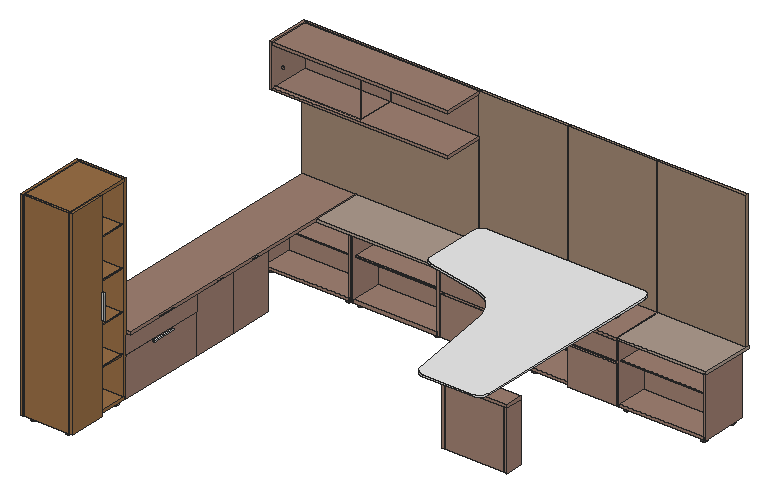
Revit family "OFS TYPICAL T100058", category Furniture, Revit 2022 (continued)
Definition of nested family "OFS APTOS 18D Low Height Modular Cabinet Top Long Grain"
  Forms (in)
    Extrusion 1, solid, material <- "Table Material"
      sketch origin (0, 0, 0) x (1, 0, 0) y (0, 1, 0)
        loop
          line (-15, -15) -> (-15, -33) -> (15, -33) -> (15, -15) -> (-15, -15)
      from 21.5 to 22.25
  Dimensions and locks (in)
    "Height": plane 7 "Height Top" to plane 8
    "Bottom Board Offset": plane 8 to level
    "Depth": plane 5 "Front End" to plane 1 "Back End"
    equal spacing: plane 4 "Left End", plane 3 "Center Left/Right", plane 6 "Right End"
    "Width": plane 4 "Left End" to plane 6 "Right End"
    equal spacing: plane 5 "Front End", plane 9 "Center Front/Back", plane 1 "Back End"
    aligned and locked: level to plane 2
    aligned and locked: plane 1 "Back End" to Extrusion 1 sketch curve
    aligned and locked: Extrusion 1 sketch curve to plane 4 "Left End"
    aligned and locked: plane 5 "Front End" to Extrusion 1 sketch curve
    aligned and locked: plane 6 "Right End" to Extrusion 1 sketch curve
    aligned and locked: plane 7 "Height Top" to Extrusion 1
    aligned and locked: Extrusion 1 to plane 8
Definition of nested family "OFS APTOS Tackboard Overhead Over Low Height Cabinets"
  Parameters (values of type "Tackboard Overhead Over Low Height Cabinets 54")
    Width = 4' - 6"
    URL = "https://ofs.com/"
    Door Handle Material = none
    Depth = 0' - 1"
    Tackboard Material = none
    Model = "FTW2024"
    Manufacturer = "OFS"
    Leg Caps Material = none
    Height = 2' - 7 1/4"
    Description = "OFS APTOS Tackboard Overhead Over Low Height Cabinets 54"
    Default Elevation = 0' - 0"
    Copyright © = "© OFS 2022"
    Catalog = "https://ofs.com/products/tables/conference/aptos?search=Aptos"
    Bottom Board Offset = 1' - 10 1/2"
    Authoring Version = "Autodesk Revit Architecture 2015"
    Assembly Code = "E2020200"
  Types (13): name | Width | Model | Description
    (no name) | 4' - 6" | "FTW2024" | "OFS APTOS Tackboard Overhead Over Low Height Cabinets 54"
    Tackboard Overhead Over Low Height Cabinets 30 | 2' - 6" | "FTW2028" | "OFS APTOS Tackboard Overhead Over Low Height Cabinets 30"
    Tackboard Overhead Over Low Height Cabinets 36 | 3' - 0" | "FTW2027" | "OFS APTOS Tackboard Overhead Over Low Height Cabinets 36"
    Tackboard Overhead Over Low Height Cabinets 42 | 3' - 6" | "FTW2026" | "OFS APTOS Tackboard Overhead Over Low Height Cabinets 42"
    Tackboard Overhead Over Low Height Cabinets 48 | 4' - 0" | "FTW2025" | "OFS APTOS Tackboard Overhead Over Low Height Cabinets 48"
    Tackboard Overhead Over Low Height Cabinets 54 | 4' - 6" | "FTW2024" | "OFS APTOS Tackboard Overhead Over Low Height Cabinets 54"
    Tackboard Overhead Over Low Height Cabinets 60 | 5' - 0" | "FTW2023" | "OFS APTOS Tackboard Overhead Over Low Height Cabinets 60"
    Tackboard Overhead Over Low Height Cabinets 66 | 5' - 6" | "FTW2022" | "OFS APTOS Tackboard Overhead Over Low Height Cabinets 66"
    Tackboard Overhead Over Low Height Cabinets 72 | 6' - 0" | "FTW2021" | "OFS APTOS Tackboard Overhead Over Low Height Cabinets 72"
    Tackboard Overhead Over Low Height Cabinets 78 | 6' - 6" | "FTW2020" | "OFS APTOS Tackboard Overhead Over Low Height Cabinets 78"
    Tackboard Overhead Over Low Height Cabinets 84 | 7' - 0" | "FTW2019" | "OFS APTOS Tackboard Overhead Over Low Height Cabinets 84"
    Tackboard Overhead Over Low Height Cabinets 90 | 7' - 6" | "FTW2018" | "OFS APTOS Tackboard Overhead Over Low Height Cabinets 90"
    Tackboard Overhead Over Low Height Cabinets 96 | 8' - 0" | "FTW2017" | "OFS APTOS Tackboard Overhead Over Low Height Cabinets 96"
  Reference planes (in)
    plane 1 "Center Front/Back": y = 0
    plane 2: z = 0
    plane 3 "Center Left/Right": x = 0
    plane 4 "Left End": x = -27
    plane 5 "Front End": y = -1
    plane 6 "Right End": x = 27
    plane 7 "Height Top": z = 53.75
    plane 8: z = 22.5
  Forms (in)
    Extrusion 1, solid, material <- "Tackboard Material"
      sketch origin (0, 0, 0) x (1, 0, 0) y (0, 0, 1)
        loop
          line (-27, 53.75) -> (-27, 22.5) -> (27, 22.5) -> (27, 53.75) -> (-27, 53.75)
      from 0 to 1
  Dimensions and locks (in)
    "Height": plane 7 "Height Top" to plane 8
    "Bottom Board Offset": plane 8 to level
    "Depth": plane 5 "Front End" to plane 1 "Center Front/Back"
    equal spacing: plane 4 "Left End", plane 3 "Center Left/Right", plane 6 "Right End"
    "Width": plane 4 "Left End" to plane 6 "Right End"
    aligned and locked: level to plane 2
    aligned and locked: Extrusion 1 sketch curve to plane 7 "Height Top"
    aligned and locked: plane 4 "Left End" to Extrusion 1 sketch curve
    aligned and locked: Extrusion 1 sketch curve to plane 8
    aligned and locked: plane 6 "Right End" to Extrusion 1 sketch curve
    aligned and locked: Extrusion 1 to plane 5 "Front End"
    aligned and locked: Extrusion 1 to plane 1 "Center Front/Back"
Definition of nested family "OFS APTOS Tackboard Low Height Cabinets"
  Parameters (values of type "Tackboard Low Height Cabinets 30")
    Width = 2' - 6"
    URL = "https://ofs.com/"
    Door Handle Material = none
    Depth = 0' - 1"
    Tackboard Material = none
    Model = "FTW3052"
    Manufacturer = "OFS"
    Leg Caps Material = none
    Height = 3' - 9 7/8"
    Description = "OFS APTOS Tackboard Low Height Cabinets 30"
    Default Elevation = 0' - 0"
    Copyright © = "© OFS 2022"
    Catalog = "https://ofs.com/products/tables/conference/aptos?search=Aptos"
    Bottom Board Offset = 0' - 7 7/8"
    Authoring Version = "Autodesk Revit Architecture 2015"
    Assembly Code = "E2020200"
  Types (13): name | Width | Model | Description
    (no name) | 2' - 6" | "FTW3052" | "OFS APTOS Tackboard Low Height Cabinets 30"
    Tackboard Low Height Cabinets 30 | 2' - 6" | "FTW3052" | "OFS APTOS Tackboard Low Height Cabinets 30"
    Tackboard Low Height Cabinets 36 | 3' - 0" | "FTW3051" | "OFS APTOS Tackboard Low Height Cabinets 36"
    Tackboard Low Height Cabinets 42 | 3' - 6" | "FTW3050" | "OFS APTOS Tackboard Low Height Cabinets 42"
    Tackboard Low Height Cabinets 48 | 4' - 0" | "FTW3049" | "OFS APTOS Tackboard Low Height Cabinets 48"
    Tackboard Low Height Cabinets 54 | 4' - 6" | "FTW3048" | "OFS APTOS Tackboard Low Height Cabinets 54"
    Tackboard Low Height Cabinets 60 | 5' - 0" | "FTW3047" | "OFS APTOS Tackboard Low Height Cabinets 60"
    Tackboard Low Height Cabinets 66 | 5' - 6" | "FTW3046" | "OFS APTOS Tackboard Low Height Cabinets 66"
    Tackboard Low Height Cabinets 72 | 6' - 0" | "FTW3045" | "OFS APTOS Tackboard Low Height Cabinets 72"
    Tackboard Low Height Cabinets 78 | 6' - 6" | "FTW3044" | "OFS APTOS Tackboard Low Height Cabinets 78"
    Tackboard Low Height Cabinets 84 | 7' - 0" | "FTW3043" | "OFS APTOS Tackboard Low Height Cabinets 84"
    Tackboard Low Height Cabinets 90 | 7' - 6" | "FTW3042" | "OFS APTOS Tackboard Low Height Cabinets 90"
    Tackboard Low Height Cabinets 96 | 8' - 0" | "FTW3041" | "OFS APTOS Tackboard Low Height Cabinets 96"
  Reference planes (in)
    plane 1 "Center Front/Back": y = 0
    plane 2: z = 0
    plane 3 "Center Left/Right": x = 0
    plane 4 "Left End": x = -15
    plane 5 "Front End": y = -1
    plane 6 "Right End": x = 15
    plane 7 "Height Top": z = 53.75
    plane 8: z = 7.875
  Forms (in)
    Extrusion 1, solid, material <- "Tackboard Material"
      sketch origin (0, 0, 0) x (1, 0, 0) y (0, 0, 1)
        loop
          line (-15, 53.75) -> (-15, 7.875) -> (15, 7.875) -> (15, 53.75) -> (-15, 53.75)
      from 0 to 1
  Dimensions and locks (in)
    "Height": plane 7 "Height Top" to plane 8
    "Bottom Board Offset": plane 8 to level
    "Depth": plane 5 "Front End" to plane 1 "Center Front/Back"
    equal spacing: plane 4 "Left End", plane 3 "Center Left/Right", plane 6 "Right End"
    "Width": plane 4 "Left End" to plane 6 "Right End"
    aligned and locked: level to plane 2
    aligned and locked: Extrusion 1 sketch curve to plane 7 "Height Top"
    aligned and locked: plane 4 "Left End" to Extrusion 1 sketch curve
    aligned and locked: Extrusion 1 sketch curve to plane 8
    aligned and locked: plane 6 "Right End" to Extrusion 1 sketch curve
    aligned and locked: Extrusion 1 to plane 5 "Front End"
    aligned and locked: Extrusion 1 to plane 1 "Center Front/Back"
Definition of nested family "OFS APTOS Low Height Modular Pedestal Hinged Door"
  Parameters (values of type "Low Height Modular Pedestal Hinged Door 18" Depth, 30" Width")
    Width = 2' - 6"
    URL = "https://ofs.com/"
    Shelf Height = 1' - 1 3/16"
    Left Module Size = 1' - 3"
    Handle Lenght R = 0' - 4 1/8"
    Handle Lenght L = 0' - 4 1/8"
    Drawer Gap = 0' - 0 1/8"
    Door Handle Material = none
    Default Elevation = 0' - 0"
    Board Thick Door = 0' - 1 1/8"
    Depth = 1' - 4 5/8"
    Board Material = none
    Model = "34-L3018MPD4"
    Manufacturer = "OFS"
    Leg Caps Material = none
    Leg Offset = 0' - 2"
    Board Thick Internal = 0' - 0 3/4"
    Height = 1' - 9 1/2"
    Description = "OFS APTOS Low Height Modular Pedestal Hinged Door 18\" Depth, 30\" Width"
    Copyright © = "© OFS 2022"
    Catalog = "https://ofs.com/products/tables/conference/aptos?search=Aptos"
    Bottom Board Offset = 0' - 1 1/2"
    Board Thick Top and Bot = 0' - 1"
    Board Thick Shelfs = 0' - 1"
    Board Thick Sides = 0' - 0 3/4"
    Board Thick Front = 0' - 0 3/4"
    Board Thick Back = 0' - 0 3/4"
    Authoring Version = "Autodesk Revit Architecture 2015"
    Assembly Code = "E2020200"
  Types (3): name | Width | Left Module Size | Model | Description
    (no name) | 2' - 6" | 1' - 3" | "34-L3018MPD4" | "OFS APTOS Low Height Modular Pedestal Hinged Door 18\" Depth, 30\" Width"
    Low Height Modular Pedestal Hinged Door 18" Depth, 30" Width | 2' - 6" | 1' - 3" | "34-L3018MPD4" | "OFS APTOS Low Height Modular Pedestal Hinged Door 18\" Depth, 30\" Width"
    Low Height Modular Pedestal Hinged Door 18" Depth, 36" Width | 3' - 0" | 1' - 6" | "34-L3618MPD4" | "OFS APTOS Low Height Modular Pedestal Hinged Door 18\" Depth, 36\" Widh"
  Reference planes (in)
    plane 1 "Center Front/Back": y = 0
    plane 2: z = 0
    plane 3 "Center Left/Right": x = 0
    plane 4 "Left End": x = -15
    plane 5 "Front End": y = -15.5
    plane 6 "Right End": x = 15
    plane 7 "Back End": y = 0
    plane 8: x = -14.25
    plane 9: x = 14.25
    plane 10: z = 14.6875
    plane 11: z = 15.6875
    plane 12: z = 21.5
    plane 13: z = 1.5
    plane 14: z = 2.5
    plane 15: y = -14.75
    plane 16: y = -2
    plane 17: y = -2
    plane 18: y = -13.5
    plane 19: y = -13.5
    plane 20: x = -13
    plane 21: x = 13
    plane 22: x = 13
    plane 23: x = -13
    plane 24: y = -16.625
    plane 25: z = 14.8125
    plane 26: x = 7.3125
    plane 27: x = 5.25
    plane 28: x = 9.375
    plane 29: y = -0.75
    plane 30: x = 0
    plane 31: x = -0.375
    plane 32: x = 0.375
    plane 33: x = -0.0625
    plane 34: x = 0.0625
    plane 35: x = -7.3125
    plane 36: x = -5.25
    plane 37: x = -9.375
  Forms (in)
    Extrusion 1, solid, material <- "Board Material"
      sketch origin (0, 0, 0) x (1, 0, 0) y (0, 1, 0)
        loop
          line (-15, 0) -> (-15, -15.5) -> (-14.25, -15.5) -> (-14.25, 0) -> (-15, 0)
      from 1.5 to 21.5
    Extrusion 2, solid, material <- "Board Material"
      sketch origin (0, 0, 0) x (-1, 0, 0) y (0, -1, 0)
        loop
          line (-15, 0) -> (-14.25, 0) -> (-14.25, 15.5) -> (-15, 15.5) -> (-15, 0)
      from 1.5 to 21.5
    Extrusion 3, solid, material <- "Board Material"
      sketch origin (0, 0, 0) x (1, 0, 0) y (0, 1, 0)
        loop
          line (-14.25, 0) -> (-14.25, -15.5) -> (14.25, -15.5) -> (14.25, 0) -> (-14.25, 0)
      from 1.5 to 2.5
    Revolve 4, solid, material <- "Leg Caps Material"
      sketch origin (0, -2, 0) x (-1, 0, 0) y (0, 0, 1)
        loop
          line (12, 0.28743) -> (12.5, 0.28743)
          arc (12.5, 0.28743) -> (12.35629, 0.14371) -> (12.5, 0) r 0.14371
          line (12.5, 0) -> (13, 0) -> (13, 1.5) -> (12, 1.5) -> (12, 0.28743)
        axis (13, 1.5) -> (13, 0)
      angle from 0 to 360
    Revolve 5, solid, material <- "Leg Caps Material"
      sketch origin (0, -2, 0) x (1, 0, 0) y (0, 0, -1)
        loop
          line (12, -0.28743) -> (12, -1.5) -> (13, -1.5) -> (13, 0) -> (12.5, 0)
          arc (12.5, 0) -> (12.35629, -0.14371) -> (12.5, -0.28743) r 0.14371
          line (12.5, -0.28743) -> (12, -0.28743)
        axis (13, -1.5) -> (13, 0)
      angle from 0 to 360
    Revolve 6, solid, material <- "Leg Caps Material"
      sketch origin (0, -13.5, 0) x (-1, 0, 0) y (0, 0, -1)
        loop
          line (12, -0.28743) -> (12, -1.5) -> (13, -1.5) -> (13, 0) -> (12.5, 0)
          arc (12.5, 0) -> (12.35629, -0.14371) -> (12.5, -0.28743) r 0.14371
          line (12.5, -0.28743) -> (12, -0.28743)
        axis (13, -1.5) -> (13, 0)
      angle from 0 to 360
    Revolve 7, solid, material <- "Leg Caps Material"
      sketch origin (0, -13.5, 0) x (1, 0, 0) y (0, 0, 1)
        loop
          line (12, 0.28743) -> (12.5, 0.28743)
          arc (12.5, 0.28743) -> (12.35629, 0.14371) -> (12.5, 0) r 0.14371
          line (12.5, 0) -> (13, 0) -> (13, 1.5) -> (12, 1.5) -> (12, 0.28743)
        axis (13, 1.5) -> (13, 0)
      angle from 0 to 360
    Extrusion 8, solid, material <- "Board Material"
      sketch origin (0, 27.875, 0) x (1, 0, 0) y (0, 1, 0)
        loop
          line (-14.25, -27.875) -> (-14.25, -28.625) -> (14.25, -28.625) -> (14.25, -27.875) -> (-14.25, -27.875)
      from 13.4995 to 17.4995
    Extrusion 9, solid, material <- "Board Material"
      sketch origin (0, 0, 0) x (1, 0, 0) y (0, 1, 0)
        loop
          line (15, -15.5) -> (0.0625, -15.5) -> (0.0625, -16.625) -> (15, -16.625) -> (15, -15.5)
      from 1.5 to 21.5
    Extrusion 10, solid, material <- "Door Handle Material"
      sketch origin (0, 5.64442, 4.60983) x (0, 1, 0) y (0, 0, 1)
        loop
          arc (-23.07363, 16.8872) -> (-23.26006, 16.70076) -> (-23.07363, 16.51433) r 0.18644
          arc (-23.07363, 16.51433) -> (-22.99353, 16.51913) -> (-22.91458, 16.53348) r 0.66994
          arc (-22.91458, 16.53348) -> (-22.69175, 16.56125) -> (-22.46829, 16.53915) r 1.01098
          arc (-22.46829, 16.53915) -> (-22.36939, 16.52301) -> (-22.26942, 16.51609) r 1.08212
          line (-22.26942, 16.51609) -> (-22.26942, 16.89017)
          arc (-22.26942, 16.89017) -> (-22.36975, 16.87561) -> (-22.46829, 16.85174) r 1.08374
          arc (-22.46829, 16.85174) -> (-22.69197, 16.82316) -> (-22.91458, 16.85914) r 0.78757
          arc (-22.91458, 16.85914) -> (-22.99279, 16.88063) -> (-23.07363, 16.8872) r 0.43385
      from 5.25 to 9.375
    Extrusion 11, solid, material <- "Board Material"
      sketch origin (-18, 0, 0) x (-1, 0, 0) y (0, -1, 0)
        loop
          line (-3, 15.5) -> (-3, 16.625) -> (-17.9375, 16.625) -> (-17.9375, 15.5) -> (-3, 15.5)
      from 1.5 to 21.5
    Extrusion 12, solid, material <- "Door Handle Material"
      sketch origin (-16.91963, 5.64442, 4.60983) x (0, 1, 0) y (0, 0, 1)
        loop
          arc (-23.07363, 16.8872) -> (-23.26006, 16.70076) -> (-23.07363, 16.51433) r 0.18644
          arc (-23.07363, 16.51433) -> (-22.99353, 16.51913) -> (-22.91458, 16.53348) r 0.66994
          arc (-22.91458, 16.53348) -> (-22.69175, 16.56125) -> (-22.46829, 16.53915) r 1.01098
          arc (-22.46829, 16.53915) -> (-22.36939, 16.52301) -> (-22.26942, 16.51609) r 1.08212
          line (-22.26942, 16.51609) -> (-22.26942, 16.89017)
          arc (-22.26942, 16.89017) -> (-22.36975, 16.87561) -> (-22.46829, 16.85174) r 1.08374
          arc (-22.46829, 16.85174) -> (-22.69197, 16.82316) -> (-22.91458, 16.85914) r 0.78757
          arc (-22.91458, 16.85914) -> (-22.99279, 16.88063) -> (-23.07363, 16.8872) r 0.43385
      from 7.54463 to 11.66963
    Extrusion 13, solid, material <- "Board Material"
      sketch origin (0, 27.875, 0) x (1, 0, 0) y (0, 1, 0)
        loop
          line (-14.25, -27.875) -> (-14.25, -28.625) -> (14.25, -28.625) -> (14.25, -27.875) -> (-14.25, -27.875)
      from 6.437 to 10.437
    Extrusion 14, solid, material <- "Board Material"
      sketch origin (0, -18.687, 49.3745) x (1, 0, 0) y (0, 0, -1)
        loop
          line (-14.25, 27.875) -> (14.25, 27.875) -> (14.25, 28.625) -> (-14.25, 28.625) -> (-14.25, 27.875)
      from 13.4995 to 17.4995
    Extrusion 15, solid, material <- "Board Material"
      sketch origin (0, -19.4995, 49.3745) x (1, 0, 0) y (0, 0, -1)
        loop
          line (-14.25, 27.875) -> (14.25, 27.875) -> (14.25, 28.625) -> (-14.25, 28.625) -> (-14.25, 27.875)
      from 6.437 to 10.437
  Dimensions and locks (in)
    equal spacing: plane 4 "Left End", plane 3 "Center Left/Right", plane 6 "Right End"
    "Width": plane 4 "Left End" to plane 6 "Right End"
    "Height": plane 12 to level
    "Board Thick Sides": plane 4 "Left End" to plane 8
    "Board Thick Sides": plane 9 to plane 6 "Right End"
    "Board Thick Shelfs": plane 11 to plane 10
    "Board Thick Top and Bot": plane 14 to plane 13
    "Bottom Board Offset": plane 13 to level
    "Board Thick Front": plane 15 to plane 5 "Front End"
    "Leg Offset": plane 18 to plane 5 "Front End"
    "Leg Offset": plane 19 to plane 5 "Front End"
    "Leg Offset": plane 16 to plane 7 "Back End"
    "Leg Offset": plane 17 to plane 7 "Back End"
    "Leg Offset": plane 4 "Left End" to plane 20
    "Leg Offset": plane 21 to plane 6 "Right End"
    "Leg Offset": plane 22 to plane 6 "Right End"
    "Leg Offset": plane 4 "Left End" to plane 23
    "Board Thick Door": plane 24 to plane 5 "Front End"
    "Shelf Height": plane 11 to plane 14
    "Drawer Gap": plane 25 to plane 10
    equal spacing: plane 27, plane 26, plane 28
    "Handle Lenght R": plane 27 to plane 28
    "Board Thick Back": plane 29 to plane 1 "Center Front/Back"
    "Depth": plane 24 to plane 1 "Center Front/Back"
    "Board Thick Internal": plane 31 to plane 32
    equal spacing: plane 31, plane 30, plane 32
    "Left Module Size": plane 4 "Left End" to plane 30
    equal spacing: plane 32, plane 26, plane 9
    equal spacing: plane 33, plane 30, plane 34
    "Drawer Gap": plane 33 to plane 34
    equal spacing: plane 36, plane 35, plane 37
    "Handle Lenght L": plane 36 to plane 37
    equal spacing: plane 8, plane 35, plane 31
    aligned and locked: level to plane 2
    aligned and locked: plane 5 "Front End" to Extrusion 1 sketch curve
    aligned and locked: plane 4 "Left End" to Extrusion 1 sketch curve
    aligned and locked: Extrusion 1 sketch curve to plane 8
    aligned and locked: Extrusion 2 to plane 5 "Front End"
    aligned and locked: plane 9 to Extrusion 2
    aligned and locked: Extrusion 2 to plane 6 "Right End"
    aligned and locked: Extrusion 2 to plane 13
    aligned and locked: plane 9 to Extrusion 3 sketch curve
    aligned and locked: plane 8 to Extrusion 3 sketch curve
    aligned and locked: plane 17 to Revolve 4
    aligned and locked: Revolve 5 to plane 16
    aligned and locked: plane 19 to Revolve 7
    aligned and locked: plane 18 to Revolve 6
    aligned and locked: plane 14 to Extrusion 3
    aligned and locked: Extrusion 3 to plane 13
    aligned and locked: Extrusion 2 to plane 12
    aligned and locked: Extrusion 8 to plane 29
    aligned and locked: Extrusion 8 to plane 1 "Center Front/Back"
    aligned and locked: plane 12 to Extrusion 1
    aligned and locked: Extrusion 1 to plane 13
    aligned and locked: Extrusion 9 to plane 12
    aligned and locked: Extrusion 10 to plane 28
    aligned and locked: Extrusion 10 to plane 27
    aligned and locked: plane 34 to Extrusion 9
    aligned and locked: Extrusion 11 to plane 33
    aligned and locked: Extrusion 11 to plane 4 "Left End"
    aligned and locked: plane 12 to Extrusion 11
    aligned and locked: plane 37 to Extrusion 12
    aligned and locked: Extrusion 12 to plane 36
    aligned and locked: Extrusion 11 to plane 13
    aligned and locked: Extrusion 9 to plane 13
    aligned and locked: Extrusion 2 to plane 7 "Back End"
    aligned and locked: Extrusion 1 to plane 7 "Back End"
    aligned and locked: Extrusion 3 to plane 7 "Back End"
    aligned and locked: Extrusion 8 to plane 8
    aligned and locked: Extrusion 8 to plane 9
    aligned and locked: Extrusion 13 to Extrusion 1
    aligned and locked: Extrusion 13 to Extrusion 2
    aligned and locked: Extrusion 14 to Extrusion 2
    aligned and locked: Extrusion 15 to Extrusion 2
    aligned and locked: Extrusion 15 to Extrusion 1
    aligned and locked: Extrusion 14 to Extrusion 1
  Automatic sketch dimensions
    plane 1 "Center Front/Back" to Extrusion 1 sketch curve = 0' - 0"
    Extrusion 2 sketch curve to plane 5 "Front End" = 0' - 0"
    Extrusion 2 sketch curve to plane 6 "Right End" = 0' - 0"
    Extrusion 2 sketch curve to plane 9 = 0' - 0"
    plane 1 "Center Front/Back" to Extrusion 2 sketch curve = 0' - 0"
    Extrusion 3 sketch curve to plane 5 "Front End" = 0' - 0"
    plane 1 "Center Front/Back" to Extrusion 3 sketch curve = 0' - 0"
    Revolve 4 sketch curve to plane 13 = 0' - 0"
    Revolve 4 sketch curve to level = 0' - 0"
    plane 20 to Revolve 4 sketch curve = 0' - 0"  (x2)
    level to Revolve 4 sketch curve = 0' - 0.28743"
    Revolve 4 sketch curve to plane 20 = 0' - 0 1/2"
    Revolve 4 sketch curve to Revolve 4 sketch curve = 0' - 0 1/2"  (x2)
    Revolve 4 sketch curve to Revolve 4 sketch curve = 0' - 0"
    level to Revolve 4 sketch curve = 0' - 0.14371"
    Revolve 4 sketch curve to plane 14 = 0' - 0 1/4"
    Revolve 5 sketch curve to plane 13 = 0' - 0"
    Revolve 5 sketch curve to level = 0' - 0"
    Revolve 5 sketch curve to plane 21 = 0' - 0"  (x2)
    level to Revolve 5 sketch curve = 0' - 0.28743"
    Revolve 5 sketch curve to Revolve 5 sketch curve = 0' - 0 1/2"  (x2)
    Revolve 5 sketch curve to Revolve 5 sketch curve = 0' - 0"  (x2)
    Revolve 5 sketch curve to plane 14 = 0' - 0 1/4"
    Revolve 5 sketch curve to level = 0' - 0 1/2"
    Revolve 6 sketch curve to plane 13 = 0' - 0"
    Revolve 6 sketch curve to level = 0' - 0"
    plane 20 to Revolve 6 sketch curve = 0' - 0"  (x2)
    level to Revolve 6 sketch curve = 0' - 0.28743"
    Revolve 6 sketch curve to plane 20 = 0' - 0 1/2"
    Revolve 6 sketch curve to Revolve 6 sketch curve = 0' - 0 1/2"
    Revolve 6 sketch curve to Revolve 6 sketch curve = 0' - 0"  (x2)
    Revolve 6 sketch curve to plane 14 = 0' - 0 1/4"
    Revolve 6 sketch curve to level = 0' - 0 1/2"
    Revolve 7 sketch curve to plane 13 = 0' - 0"
    Revolve 7 sketch curve to level = 0' - 0"
    Revolve 7 sketch curve to plane 21 = 0' - 0"  (x2)
    level to Revolve 7 sketch curve = 0' - 0.28743"
    Revolve 7 sketch curve to Revolve 7 sketch curve = 0' - 0 1/2"  (x3)
    Revolve 7 sketch curve to Revolve 7 sketch curve = 0' - 0"
    level to Revolve 7 sketch curve = 0' - 0.14371"
    Revolve 7 sketch curve to plane 14 = 0' - 0 1/4"
    Extrusion 8 sketch curve to plane 8 = 0' - 0"
    Extrusion 8 sketch curve to plane 9 = 0' - 0"
    Extrusion 8 sketch curve to plane 29 = 0' - 0"
    plane 1 "Center Front/Back" to Extrusion 8 sketch curve = 0' - 0"
    Extrusion 9 sketch curve to plane 5 "Front End" = 0' - 0"
    Extrusion 9 sketch curve to plane 34 = 0' - 0"
    Extrusion 9 sketch curve to plane 6 "Right End" = 0' - 0"
    plane 24 to Extrusion 9 sketch curve = 0' - 0"
    Extrusion 10 sketch curve to plane 12 = 0' - 0"
    Extrusion 10 sketch curve to plane 24 = 0' - 0"
    Extrusion 10 sketch curve to plane 12 = 0' - 0.37408"
    plane 24 to Extrusion 10 sketch curve = 0' - 0.80421"
    Extrusion 10 sketch curve to Extrusion 10 sketch curve = 0' - 0.00546"
    Extrusion 10 sketch curve to plane 12 = 0' - 0.03103"
    Extrusion 10 sketch curve to Extrusion 10 sketch curve = 0' - 0.15905"  (x2)
    plane 24 to Extrusion 10 sketch curve = 0' - 0.4095"  (x2)
    Extrusion 10 sketch curve to plane 12 = 0' - 0.03843"
    Extrusion 10 sketch curve to Extrusion 10 sketch curve = 0' - 0.19887"
    plane 24 to Extrusion 10 sketch curve = 0' - 0.19887"
    Extrusion 10 sketch curve to plane 24 = 0' - 0.02468"
    Extrusion 10 sketch curve to plane 24 = 0' - 0.10528"
    Extrusion 10 sketch curve to Extrusion 10 sketch curve = 0' - 0.2612"
    Extrusion 10 sketch curve to Extrusion 10 sketch curve = 0' - 0.40575"
    Extrusion 10 sketch curve to Extrusion 10 sketch curve = 0' - 0.06095"
    Extrusion 10 sketch curve to Extrusion 10 sketch curve = 0' - 0"
    Extrusion 10 sketch curve to Extrusion 10 sketch curve = 0' - 0.01915"
    Extrusion 11 sketch curve to plane 5 "Front End" = 0' - 0"
    Extrusion 11 sketch curve to plane 33 = 0' - 0"
    Extrusion 11 sketch curve to plane 4 "Left End" = 0' - 0"
    Extrusion 11 sketch curve to plane 24 = 0' - 0"
    Extrusion 12 sketch curve to plane 12 = 0' - 0"
    Extrusion 12 sketch curve to plane 24 = 0' - 0"
    Extrusion 12 sketch curve to plane 12 = 0' - 0.37408"
    plane 24 to Extrusion 12 sketch curve = 0' - 0.80421"
    Extrusion 12 sketch curve to Extrusion 12 sketch curve = 0' - 0.00546"
    Extrusion 12 sketch curve to plane 12 = 0' - 0.03103"
    Extrusion 12 sketch curve to Extrusion 12 sketch curve = 0' - 0.15905"  (x2)
    plane 24 to Extrusion 12 sketch curve = 0' - 0.4095"  (x2)
    Extrusion 12 sketch curve to plane 12 = 0' - 0.03843"
    Extrusion 12 sketch curve to Extrusion 12 sketch curve = 0' - 0.19887"
    plane 24 to Extrusion 12 sketch curve = 0' - 0.19887"
    Extrusion 12 sketch curve to plane 24 = 0' - 0.02468"
    Extrusion 12 sketch curve to plane 24 = 0' - 0.10528"
    Extrusion 12 sketch curve to Extrusion 12 sketch curve = 0' - 0.2612"
    Extrusion 12 sketch curve to Extrusion 12 sketch curve = 0' - 0.40575"
    Extrusion 12 sketch curve to Extrusion 12 sketch curve = 0' - 0.06095"
    Extrusion 12 sketch curve to Extrusion 12 sketch curve = 0' - 0"
    Extrusion 12 sketch curve to Extrusion 12 sketch curve = 0' - 0.01915"
    Extrusion 13 sketch curve to plane 8 = 0' - 0"
    Extrusion 13 sketch curve to plane 9 = 0' - 0"
    Extrusion 13 sketch curve to plane 29 = 0' - 0"
    plane 1 "Center Front/Back" to Extrusion 13 sketch curve = 0' - 0"
    Extrusion 14 sketch curve to plane 8 = 0' - 0"
    plane 9 to Extrusion 14 sketch curve = 0' - 0"
    Extrusion 14 sketch curve to plane 12 = 0' - 0.0005"
    Extrusion 14 sketch curve to Extrusion 14 sketch curve = 0' - 0 3/4"
    Extrusion 15 sketch curve to plane 8 = 0' - 0"
    plane 9 to Extrusion 15 sketch curve = 0' - 0"
    Extrusion 15 sketch curve to plane 12 = 0' - 0.0005"
    Extrusion 15 sketch curve to Extrusion 15 sketch curve = 0' - 0 3/4"
Definition of nested family "OFS APTOS Low Height Modular Pedestal Box-File"
  Parameters (values of type "Low Height Modular Pedestal Box/File 36")
    Width = 3' - 0"
    URL = "https://ofs.com/"
    Shelf Height = 1' - 1 3/16"
    Handle Lengh = 0' - 8"
    Drawer Gap = 0' - 0 1/8"
    Door Handle Material = none
    Default Elevation = 0' - 0"
    Board Thick Door = 0' - 1 1/8"
    Depth = 1' - 4 5/8"
    Board Material = none
    Model = "34-L3618MPD8"
    Manufacturer = "OFS"
    Leg Caps Material = none
    Leg Offset = 0' - 2"
    Height = 1' - 9 1/2"
    Description = "OFS APTOS Low Height Modular Pedestal Box/File 36"
    Copyright © = "© OFS 2022"
    Catalog = "https://ofs.com/products/tables/conference/aptos?search=Aptos"
    Bottom Board Offset = 0' - 1 1/2"
    Board Thick Top and Bot = 0' - 1"
    Board Thick Shelfs = 0' - 1"
    Board Thick Sides = 0' - 0 3/4"
    Board Thick Front = 0' - 0 3/4"
    Board Thick Back = 0' - 0 3/4"
    Authoring Version = "Autodesk Revit Architecture 2015"
    Assembly Code = "E2020200"
  Types (3): name | Width | Model | Description
    (no name) | 3' - 0" | "34-L3618MPD8" | "OFS APTOS Low Height Modular Pedestal Box/File 36"
    Low Height Modular Pedestal Box/File 30 | 2' - 6" | "34-L3018MPD8" | "OFS APTOS Low Height Modular Pedestal Box/File 30"
    Low Height Modular Pedestal Box/File 36 | 3' - 0" | "34-L3618MPD8" | "OFS APTOS Low Height Modular Pedestal Box/File 36"
  Reference planes (in)
    plane 1 "Center Front/Back": y = 0
    plane 2: z = 0
    plane 3 "Center Left/Right": x = 0
    plane 4 "Left End": x = -18
    plane 5 "Front End": y = -15.5
    plane 6 "Right End": x = 18
    plane 7 "Back End": y = 0
    plane 8 "Height Top": z = 21.5
    plane 9: x = -17.25
    plane 10: x = 17.25
    plane 11: z = 14.6875
    plane 12: z = 15.6875
    plane 13: z = 1.5
    plane 14: z = 2.5
    plane 15: y = -14.75
    plane 16: y = -2
    plane 17: y = -2
    plane 18: y = -13.5
    plane 19: y = -13.5
    plane 20: x = -16
    plane 21: x = 16
    plane 22: x = 16
    plane 23: x = -16
    plane 24: y = -16.625
    plane 25: z = 14.8125
    plane 26: x = -4
    plane 27: x = 4
    plane 28: y = -0.75
  Forms (in)
    Extrusion 1, solid, material <- "Board Material"
      sketch origin (0, 0, 0) x (1, 0, 0) y (0, 1, 0)
        loop
          line (-18, 0) -> (-18, -15.5) -> (-17.25, -15.5) -> (-17.25, 0) -> (-18, 0)
      from 1.5 to 21.5
    Extrusion 2, solid, material <- "Board Material"
      sketch origin (0, 0, 0) x (-1, 0, 0) y (0, -1, 0)
        loop
          line (-18, 0) -> (-17.25, 0) -> (-17.25, 15.5) -> (-18, 15.5) -> (-18, 0)
      from 1.5 to 21.5
    Extrusion 3, solid, material <- "Board Material"
      sketch origin (0, 0, 0) x (1, 0, 0) y (0, 1, 0)
        loop
          line (-17.25, 0) -> (-17.25, -15.5) -> (17.25, -15.5) -> (17.25, 0) -> (-17.25, 0)
      from 1.5 to 2.5
    Revolve 4, solid, material <- "Leg Caps Material"
      sketch origin (0, -2, 0) x (-1, 0, 0) y (0, 0, 1)
        loop
          line (15, 0.28743) -> (15.5, 0.28743)
          arc (15.5, 0.28743) -> (15.35629, 0.14371) -> (15.5, 0) r 0.14371
          line (15.5, 0) -> (16, 0) -> (16, 1.5) -> (15, 1.5) -> (15, 0.28743)
        axis (16, 1.5) -> (16, 0)
      angle from 0 to 360
    Revolve 5, solid, material <- "Leg Caps Material"
      sketch origin (0, -2, 0) x (1, 0, 0) y (0, 0, -1)
        loop
          line (15, -0.28743) -> (15, -1.5) -> (16, -1.5) -> (16, 0) -> (15.5, 0)
          arc (15.5, 0) -> (15.35629, -0.14371) -> (15.5, -0.28743) r 0.14371
          line (15.5, -0.28743) -> (15, -0.28743)
        axis (16, -1.5) -> (16, 0)
      angle from 0 to 360
    Revolve 6, solid, material <- "Leg Caps Material"
      sketch origin (0, -13.5, 0) x (-1, 0, 0) y (0, 0, -1)
        loop
          line (15, -0.28743) -> (15, -1.5) -> (16, -1.5) -> (16, 0) -> (15.5, 0)
          arc (15.5, 0) -> (15.35629, -0.14371) -> (15.5, -0.28743) r 0.14371
          line (15.5, -0.28743) -> (15, -0.28743)
        axis (16, -1.5) -> (16, 0)
      angle from 0 to 360
    Revolve 7, solid, material <- "Leg Caps Material"
      sketch origin (0, -13.5, 0) x (1, 0, 0) y (0, 0, 1)
        loop
          line (15, 0.28743) -> (15.5, 0.28743)
          arc (15.5, 0.28743) -> (15.35629, 0.14371) -> (15.5, 0) r 0.14371
          line (15.5, 0) -> (16, 0) -> (16, 1.5) -> (15, 1.5) -> (15, 0.28743)
        axis (16, 1.5) -> (16, 0)
      angle from 0 to 360
    Extrusion 8, solid, material <- "Board Material"
      sketch origin (0, 27.875, 0) x (1, 0, 0) y (0, 1, 0)
        loop
          line (-17.25, -27.875) -> (-17.25, -28.625) -> (17.25, -28.625) -> (17.25, -27.875) -> (-17.25, -27.875)
      from 2.5 to 21.5
    Extrusion 9, solid, material <- "Board Material"
      sketch origin (0, 0, 0) x (1, 0, 0) y (0, 1, 0)
        loop
          line (18, -15.5) -> (-18, -15.5) -> (-18, -16.625) -> (18, -16.625) -> (18, -15.5)
      from 1.5 to 14.6875
    Extrusion 10, solid, material <- "Board Material"
      sketch origin (0, 0, 0) x (1, 0, 0) y (0, 1, 0)
        loop
          line (18, -15.5) -> (-18, -15.5) -> (-18, -16.625) -> (18, -16.625) -> (18, -15.5)
      from 14.8125 to 21.5
    Extrusion 11, solid, material <- "Door Handle Material"
      sketch origin (0, 7.01942, -2.70267) x (0, 1, 0) y (0, 0, 1)
        loop
          arc (-24.44863, 17.3872) -> (-24.63506, 17.20076) -> (-24.44863, 17.01433) r 0.18644
          arc (-24.44863, 17.01433) -> (-24.36853, 17.01913) -> (-24.28958, 17.03348) r 0.66994
          arc (-24.28958, 17.03348) -> (-24.06675, 17.06125) -> (-23.84329, 17.03915) r 1.01098
          arc (-23.84329, 17.03915) -> (-23.74439, 17.02301) -> (-23.64442, 17.01609) r 1.08212
          line (-23.64442, 17.01609) -> (-23.64442, 17.39017)
          arc (-23.64442, 17.39017) -> (-23.74475, 17.37561) -> (-23.84329, 17.35174) r 1.08374
          arc (-23.84329, 17.35174) -> (-24.06697, 17.32316) -> (-24.28958, 17.35914) r 0.78757
          arc (-24.28958, 17.35914) -> (-24.36779, 17.38063) -> (-24.44863, 17.3872) r 0.43385
      from -4 to 4
    Extrusion 12, solid, material <- "Door Handle Material"
      sketch origin (0, 7.01942, 4.85983) x (0, 1, 0) y (0, 0, 1)
        loop
          arc (-24.44863, 16.6372) -> (-24.63506, 16.45076) -> (-24.44863, 16.26433) r 0.18644
          arc (-24.44863, 16.26433) -> (-24.36853, 16.26913) -> (-24.28958, 16.28348) r 0.66994
          arc (-24.28958, 16.28348) -> (-24.06675, 16.31125) -> (-23.84329, 16.28915) r 1.01098
          arc (-23.84329, 16.28915) -> (-23.74439, 16.27301) -> (-23.64442, 16.26609) r 1.08212
          line (-23.64442, 16.26609) -> (-23.64442, 16.64017)
          arc (-23.64442, 16.64017) -> (-23.74475, 16.62561) -> (-23.84329, 16.60174) r 1.08374
          arc (-23.84329, 16.60174) -> (-24.06697, 16.57316) -> (-24.28958, 16.60914) r 0.78757
          arc (-24.28958, 16.60914) -> (-24.36779, 16.63063) -> (-24.44863, 16.6372) r 0.43385
      from -4 to 4
  Dimensions and locks (in)
    equal spacing: plane 4 "Left End", plane 3 "Center Left/Right", plane 6 "Right End"
    "Width": plane 4 "Left End" to plane 6 "Right End"
    "Height": plane 8 "Height Top" to level
    "Board Thick Sides": plane 4 "Left End" to plane 9
    "Board Thick Sides": plane 10 to plane 6 "Right End"
    "Board Thick Shelfs": plane 12 to plane 11
    "Board Thick Top and Bot": plane 14 to plane 13
    "Bottom Board Offset": plane 13 to level
    "Board Thick Front": plane 15 to plane 5 "Front End"
    "Leg Offset": plane 18 to plane 5 "Front End"
    "Leg Offset": plane 19 to plane 5 "Front End"
    "Leg Offset": plane 16 to plane 7 "Back End"
    "Leg Offset": plane 17 to plane 7 "Back End"
    "Leg Offset": plane 4 "Left End" to plane 20
    "Leg Offset": plane 21 to plane 6 "Right End"
    "Leg Offset": plane 22 to plane 6 "Right End"
    "Leg Offset": plane 4 "Left End" to plane 23
    "Board Thick Door": plane 24 to plane 5 "Front End"
    "Shelf Height": plane 12 to plane 14
    "Drawer Gap": plane 25 to plane 11
    "Handle Lengh": plane 26 to plane 27
    "Board Thick Back": plane 28 to plane 1 "Center Front/Back"
    "Depth": plane 24 to plane 1 "Center Front/Back"
    equal spacing: plane 26, plane 3 "Center Left/Right", plane 27
    aligned and locked: level to plane 2
    aligned and locked: plane 5 "Front End" to Extrusion 1 sketch curve
    aligned and locked: plane 4 "Left End" to Extrusion 1 sketch curve
    aligned and locked: Extrusion 1 sketch curve to plane 9
    aligned and locked: Extrusion 2 to plane 5 "Front End"
    aligned and locked: plane 10 to Extrusion 2
    aligned and locked: Extrusion 2 to plane 6 "Right End"
    aligned and locked: plane 13 to Extrusion 2
    aligned and locked: plane 10 to Extrusion 3 sketch curve
    aligned and locked: plane 9 to Extrusion 3 sketch curve
    aligned and locked: plane 17 to Revolve 4
    aligned and locked: Revolve 5 to plane 16
    aligned and locked: plane 19 to Revolve 7
    aligned and locked: Revolve 6 to plane 18
    aligned and locked: Extrusion 3 to plane 14
    aligned and locked: Extrusion 3 to plane 13
    aligned and locked: Extrusion 9 to plane 13
    aligned and locked: Extrusion 9 to plane 6 "Right End"
    aligned and locked: Extrusion 10 to plane 6 "Right End"
    aligned and locked: Extrusion 9 to plane 11
    aligned and locked: Extrusion 10 to plane 25
    aligned and locked: Extrusion 11 to plane 27
    aligned and locked: Extrusion 11 to plane 26
    aligned and locked: Extrusion 8 to plane 28
    aligned and locked: Extrusion 8 to plane 1 "Center Front/Back"
    aligned and locked: Extrusion 1 to plane 1 "Center Front/Back"
    aligned and locked: Extrusion 2 to plane 1 "Center Front/Back"
    aligned and locked: Extrusion 3 to plane 1 "Center Front/Back"
    aligned and locked: Extrusion 1 to plane 13
    aligned and locked: Extrusion 10 to plane 4 "Left End"
    aligned and locked: Extrusion 9 to plane 4 "Left End"
    aligned and locked: plane 8 "Height Top" to Extrusion 10
    aligned and locked: plane 8 "Height Top" to Extrusion 8
    aligned and locked: plane 8 "Height Top" to Extrusion 1
    aligned and locked: plane 8 "Height Top" to Extrusion 2
    aligned and locked: Extrusion 12 to plane 27
    aligned and locked: Extrusion 12 to plane 26
    aligned and locked: Extrusion 8 to plane 10
    aligned and locked: Extrusion 8 to plane 9
    aligned and locked: Extrusion 8 to Extrusion 3
  Automatic sketch dimensions
    plane 1 "Center Front/Back" to Extrusion 1 sketch curve = 0' - 0"
    Extrusion 2 sketch curve to plane 5 "Front End" = 0' - 0"
    Extrusion 2 sketch curve to plane 6 "Right End" = 0' - 0"
    Extrusion 2 sketch curve to plane 10 = 0' - 0"
    plane 1 "Center Front/Back" to Extrusion 2 sketch curve = 0' - 0"
    Extrusion 3 sketch curve to plane 5 "Front End" = 0' - 0"
    plane 1 "Center Front/Back" to Extrusion 3 sketch curve = 0' - 0"
    Revolve 4 sketch curve to plane 13 = 0' - 0"
    Revolve 4 sketch curve to level = 0' - 0"
    plane 20 to Revolve 4 sketch curve = 0' - 0"  (x2)
    level to Revolve 4 sketch curve = 0' - 0.28743"
    Revolve 4 sketch curve to Revolve 4 sketch curve = 0' - 0 1/2"  (x3)
    Revolve 4 sketch curve to Revolve 4 sketch curve = 0' - 0"
    level to Revolve 4 sketch curve = 0' - 0.14371"
    Revolve 4 sketch curve to plane 14 = 0' - 0 1/4"
    Revolve 5 sketch curve to plane 13 = 0' - 0"
    Revolve 5 sketch curve to level = 0' - 0"
    Revolve 5 sketch curve to plane 21 = 0' - 0"  (x2)
    level to Revolve 5 sketch curve = 0' - 0.28743"
    Revolve 5 sketch curve to Revolve 5 sketch curve = 0' - 0 1/2"  (x2)
    Revolve 5 sketch curve to Revolve 5 sketch curve = 0' - 0"  (x2)
    Revolve 5 sketch curve to plane 14 = 0' - 0 1/4"
    Revolve 5 sketch curve to level = 0' - 0 1/2"
    Revolve 6 sketch curve to plane 13 = 0' - 0"
    Revolve 6 sketch curve to level = 0' - 0"
    plane 20 to Revolve 6 sketch curve = 0' - 0"  (x2)
    level to Revolve 6 sketch curve = 0' - 0.28743"
    Revolve 6 sketch curve to plane 20 = 0' - 0 1/2"
    Revolve 6 sketch curve to Revolve 6 sketch curve = 0' - 0 1/2"
    Revolve 6 sketch curve to Revolve 6 sketch curve = 0' - 0"  (x2)
    Revolve 6 sketch curve to plane 14 = 0' - 0 1/4"
    Revolve 6 sketch curve to level = 0' - 0 1/2"
    Revolve 7 sketch curve to plane 13 = 0' - 0"
    Revolve 7 sketch curve to level = 0' - 0"
    Revolve 7 sketch curve to plane 21 = 0' - 0"  (x2)
    level to Revolve 7 sketch curve = 0' - 0.28743"
    Revolve 7 sketch curve to plane 21 = 0' - 0 1/2"
    Revolve 7 sketch curve to Revolve 7 sketch curve = 0' - 0 1/2"  (x2)
    Revolve 7 sketch curve to Revolve 7 sketch curve = 0' - 0"
    level to Revolve 7 sketch curve = 0' - 0.14371"
    Revolve 7 sketch curve to plane 14 = 0' - 0 1/4"
    plane 4 "Left End" to Extrusion 8 sketch curve = 0' - 0 3/4"
    plane 6 "Right End" to Extrusion 8 sketch curve = 0' - 0 3/4"
    Extrusion 8 sketch curve to plane 28 = 0' - 0"
    plane 1 "Center Front/Back" to Extrusion 8 sketch curve = 0' - 0"
    Extrusion 9 sketch curve to plane 4 "Left End" = 0' - 0"
    Extrusion 9 sketch curve to plane 6 "Right End" = 0' - 0"
    plane 24 to Extrusion 9 sketch curve = 0' - 0"
    Extrusion 9 sketch curve to plane 5 "Front End" = 0' - 0"
    Extrusion 10 sketch curve to plane 4 "Left End" = 0' - 0"
    Extrusion 10 sketch curve to plane 6 "Right End" = 0' - 0"
    plane 24 to Extrusion 10 sketch curve = 0' - 0"
    Extrusion 10 sketch curve to plane 5 "Front End" = 0' - 0"
    Extrusion 11 sketch curve to plane 11 = 0' - 0"
    Extrusion 11 sketch curve to plane 24 = 0' - 0"
    Extrusion 11 sketch curve to plane 11 = 0' - 0.37408"
    plane 24 to Extrusion 11 sketch curve = 0' - 0.80421"
    Extrusion 11 sketch curve to Extrusion 11 sketch curve = 0' - 0.00546"
    Extrusion 11 sketch curve to plane 11 = 0' - 0.03103"
    Extrusion 11 sketch curve to Extrusion 11 sketch curve = 0' - 0.15905"  (x2)
    plane 24 to Extrusion 11 sketch curve = 0' - 0.4095"  (x2)
    Extrusion 11 sketch curve to plane 12 = 0' - 0.27955"
    Extrusion 11 sketch curve to plane 11 = 0' - 0.03843"
    plane 24 to Extrusion 11 sketch curve = 0' - 0.19887"
    Extrusion 11 sketch curve to plane 24 = 0' - 0.02468"
    Extrusion 11 sketch curve to plane 24 = 0' - 0.10528"
    Extrusion 11 sketch curve to Extrusion 11 sketch curve = 0' - 0.2612"
    Extrusion 11 sketch curve to Extrusion 11 sketch curve = 0' - 0.40575"
    Extrusion 11 sketch curve to Extrusion 11 sketch curve = 0' - 0.06095"
    Extrusion 11 sketch curve to Extrusion 11 sketch curve = 0' - 0"
    Extrusion 11 sketch curve to Extrusion 11 sketch curve = 0' - 0.01915"
    Extrusion 12 sketch curve to plane 8 "Height Top" = 0' - 0"
    Extrusion 12 sketch curve to plane 24 = 0' - 0"
    Extrusion 12 sketch curve to plane 8 "Height Top" = 0' - 0.37408"
    plane 24 to Extrusion 12 sketch curve = 0' - 0.80421"
    Extrusion 12 sketch curve to Extrusion 12 sketch curve = 0' - 0.00546"
    Extrusion 12 sketch curve to plane 8 "Height Top" = 0' - 0.03103"
    Extrusion 12 sketch curve to Extrusion 12 sketch curve = 0' - 0.15905"  (x2)
    plane 24 to Extrusion 12 sketch curve = 0' - 0.4095"  (x2)
    Extrusion 12 sketch curve to plane 8 "Height Top" = 0' - 0.03843"
    Extrusion 12 sketch curve to Extrusion 12 sketch curve = 0' - 0.19887"
    plane 24 to Extrusion 12 sketch curve = 0' - 0.19887"
    Extrusion 12 sketch curve to plane 24 = 0' - 0.02468"
    Extrusion 12 sketch curve to plane 24 = 0' - 0.10528"
    Extrusion 12 sketch curve to Extrusion 12 sketch curve = 0' - 0.2612"
    Extrusion 12 sketch curve to Extrusion 12 sketch curve = 0' - 0.40575"
    Extrusion 12 sketch curve to Extrusion 12 sketch curve = 0' - 0.06095"
    Extrusion 12 sketch curve to Extrusion 12 sketch curve = 0' - 0"
    Extrusion 12 sketch curve to Extrusion 12 sketch curve = 0' - 0.01915"
